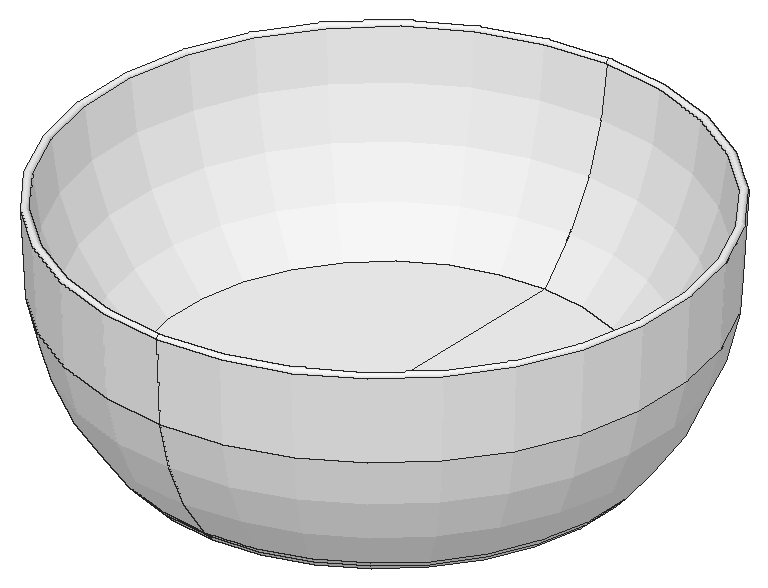
Revit family "WashBasin-Countertop-40cm-Bowl-Vitra-OutlineSeries-5992", category Plumbing Fixtures, host Face, Revit 2017
Family settings
  Host = Face
  Round Connector Dimension = Use Diameter
  Part Type = Normal
  OmniClass Number = 23.45.05.14.14
  OmniClass Title = Sinks/Lavatories
  Cut with Voids When Loaded = No
  Shared = Yes
  Room Calculation Point = No
Parameters (values of type "WashBasin_Vitra_Outline_(White)_5992B403-0016")
  Youtube = "https://www.youtube.com/user/VitrAglobal"
  Weight Net (kg) = "8.5"
  Waste Connection = yes
  Warranty Period (Year) = "10 Years"
  Vent Connection = no
  Uniformat II Description = "Plumbing Fixtures"
  Uniformat II Code = "D2010"
  Uniclass 2015 Name = "Wash basins, Sinks and troughs"
  Uniclass 2015 Code = "Pr_40_20_96_81"
  Uniclass 2.0 Description = "Sanitary Dispensing And Disposal Units"
  Uniclass 2.0 Code = "SS-35-65-70-94"
  Uniclass 1.4 Description = "Washbasins"
  Uniclass 1.4 Code = "L7212"
  URL = "https://www.vitraglobal.com"
  UNSPSC Description = ""
  UNSPSC Code = "301815"
  Technical description = "https://www.vitraglobal.com/pdf/5992B403-0016/"
  Tap hole Options (default) = ""
  Specification = ""
  Region South America = "All"
  Region Oceania = "All"
  Region North America = "All"
  Region Middle East = "All"
  Region Europe = "All"
  Region Asia = "All"
  Region Antarctica = "All"
  Region Africa = "All"
  Product url = "https://www.vitraglobal.com/bathroom-sanitaryware/washbasins/bowls/outline-bowl-sku-5992B403-0016/"
  Product manual = ""
  Product group = "Outline"
  Product family = "Countertop WashBasin"
  Product data url = "https://www.bimobject.com/vitra-bathrooms/product/5992"
  Product certification = "https://www.vitraglobal.com/brochures/"
  Product SKU = "5992B403-0016"
  Product Guid = ""
  Primary Material = White
  OmniClass Description = "Sinks/Lavatories"
  OmniClass Code = "23.45.05.14.14"
  Nominal Width (mm) = 400 mm
  Nominal Height (mm) = 145 mm
  Nominal Depth (mm) = 400 mm
  NBS Referans Description = "Wash Basin Systems"
  NBS Referans Code = "35-65-70-94"
  Mounting type = "Countertop"
  Model = "5992B403-0016"
  Masterformat 2014 Description = "Residential Lavatories and Sinks"
  Masterformat 2014 Code = "22 41 16"
  Manufacturer name = "VitrA"
  Manufacturer = "VitrA"
  Main Material = "Ceramic"
  Installation instructions = ""
  IFC Classification = "Sanitary Terminal"
  HW Connection = no
  EAN code = ""
  Design country = "Turkey"
  Description = "VitrA Outline Countertop - 40cm - Bowl"
  Default Elevation = 850 mm
  Color = "White"
  CW Connection = no
  COBIe Type Category = ""
  Brand = "VitrA"
  BIMobject category = "Sanitary - Basins"
  Article No. (default) = "5992B403-0016"
  Accessories (default) = ""
Types (10, lengths in mm): name | Technical description | Product url | Product data url | Product SKU | Primary Material | Model | Color | Article No. (default)
  WashBasin_Vitra_Outline_(White)_5992B403-0016 | "https://www.vitraglobal.com/pdf/5992B403-0016/" | "https://www.vitraglobal.com/bathroom-sanitaryware/washbasins/bowls/outline-bowl-sku-5992B403-0016/" | "https://www.bimobject.com/vitra-bathrooms/product/5992" | "5992B403-0016" | White | "5992B403-0016" | "White" | "5992B403-0016"
  WashBasin_Vitra_Outline_(MatteWhite)_5992B401-0016 | "https://www.vitraglobal.com/pdf/5992B401-0016/" | "" | "https://www.vitraglobal.com/bathroom-sanitaryware/washbasins/bowls/outline-bowl-sku-5992B401-0016/" | "5992B401-0016" | Matte White | "5992B401-0016" | "MatteWhite" | "5992B401-0016"
  WashBasin_Vitra_Outline_(MatteBlack)_5992B483-0016 | "https://www.vitraglobal.com/pdf/5992B483-0016/" | "" | "https://www.vitraglobal.com/bathroom-sanitaryware/washbasins/bowls/outline-bowl-sku-5992B483-0016/" | "5992B483-0016" | Matte Black | "5992B483-0016" | "MatteBlack" | "5992B483-0016"
  WashBasin_Vitra_Outline_(MatteMink)_5992B450-0016 | "https://www.vitraglobal.com/pdf/5992B450-0016/" | "" | "https://www.vitraglobal.com/bathroom-sanitaryware/washbasins/bowls/outline-bowl-sku-5992B450-0016/" | "5992B450-0016" | Matte Mink | "5992B450-0016" | "Matte Mink" | "5992B450-0016"
  WashBasin_Vitra_Outline_(MatteTaupe)_5992B420-0016 | "https://www.vitraglobal.com/pdf/5992B420-0016/" | "" | "https://www.vitraglobal.com/bathroom-sanitaryware/washbasins/bowls/outline-bowl-sku-5992B420-0016/" | "5992B420-0016" | Matte Taupe | "5992B420-0016" | "Matte Taupe" | "5992B420-0016"
  WashBasin_Vitra_Outline_(White)_5992B403H0016 | "https://www.vitra-india.com/pdf/5992B403H0016/" | "https://www.vitra-india.com/bathroom-sanitaryware/washbasins/bowls/outline-bowl-sku-5992B403H0016/" | "" | "5992B403H0016" | White | "5992B403H0016" | "White" | "5992B403H0016"
  WashBasin_Vitra_Outline_(MatteWhite)_5992B401H0016 | "https://www.vitra-india.com/pdf/5992B401H0016/" | "https://www.vitra-india.com/bathroom-sanitaryware/washbasins/bowls/outline-bowl-sku-5992B401H0016/" | "" | "5992B401H0016" | Matte White | "5992B401H0016" | "MatteWhite" | "5992B401H0016"
  WashBasin_Vitra_Outline_(MatteTaupe)_5992B420H0016 | "https://www.vitra-india.com/pdf/5992B420H0016/" | "https://www.vitra-india.com/bathroom-sanitaryware/washbasins/bowls/outline-bowl-sku-5992B420H0016/" | "" | "5992B420H0016" | Matte Taupe | "5992B420H0016" | "Matte Taupe" | "5992B420H0016"
  WashBasin_Vitra_Outline_(MatteMink)_5992B450H0016 | "https://www.vitra-india.com/pdf/5992B450H0016/" | "https://www.vitra-india.com/bathroom-sanitaryware/washbasins/bowls/outline-bowl-sku-5992B450H0016/" | "" | "5992B450H0016" | Matte Mink | "5992B450H0016" | "Matte Mink" | "5992B450H0016"
  WashBasin_Vitra_Outline_(MatteBlack)_5992B483H0016 | "https://www.vitra-india.com/pdf/5992B483H0016/" | "https://www.vitra-india.com/bathroom-sanitaryware/washbasins/bowls/outline-bowl-sku-5992B483H0016/" | "" | "5992B483H0016" | Matte Black | "5992B483H0016" | "MatteBlack" | "5992B483H0016"
Reference planes
  plane 1 "Center (Front/Back)": y = 0
  plane 2: z = 0
  plane 3 "Center (Left/Right)": x = 0
  plane 4: y = -201.414
  plane 5: z = 145
  plane 6: y = 198.586
  plane 7: x = 199.456
  plane 8: x = -200.544
Forms (mm)
  Extrusion 1, solid, material "White" <- "Primary Material", detail levels fine
    sketch origin (0, 0, 0) x (1, 0, 0) y (0, 1, 0)
      loop
        circle (0, 0) r 25.4
    from -2.086 to 17.411
  Extrusion 2, solid, detail levels coarse
    sketch origin (0, 0, 0) x (1, 0, 0) y (0, 1, 0)
      loop
        line (199.456, 198.586) -> (-200.544, 198.586) -> (-200.544, -201.414) -> (199.456, -201.414) -> (199.456, 198.586)
    from 0 to 145
  Extrusion 3, solid, detail levels medium
    sketch origin (0, 0, 0) x (1, 0, 0) y (0, 1, 0)
      loop
        circle (0, 0) r 195
    from 0 to 145
  Revolve 4, solid, material "White" <- "Primary Material", detail levels fine
    sketch origin (0, 0, 0) x (0, 1, 0) y (0, 0, 1)
      loop
        arc (194.665, 145) -> (192.333, 147.219) -> (190, 145) r 2.336
        arc (190, 145) -> (174.792, 82.689) -> (137.208, 30.714) r 166.904
        line (137.208, 30.714) -> (0, 30.714) -> (0, 1.834) -> (146.589, 1.834) -> (150.125, 5.37)
        arc (150.125, 5.37) -> (151.635, 7.131) -> (153.177, 8.864) r 127.111
        arc (153.177, 8.864) -> (178.41, 47.622) -> (191.88, 91.864) r 164.795
        arc (191.88, 91.864) -> (194.634, 118.361) -> (194.665, 145) r 260.245
      axis (0, 1.834) -> (0, 145)
    angle from 0 to 360
Cuts and joins
  joined: Extrusion 1, Revolve 4
Dimensions and locks
  "Nominal Height (mm)": plane 5 to host face
  "Nominal Depth (mm)": plane 6 to plane 4
  "Nominal Width (mm)": plane 8 to plane 7
  aligned and locked: plane 2 to host face
  aligned and locked: level to host face
Automatic sketch dimensions
  host sketch curve to host sketch curve = 2438.4 mm  (x2)
  plane 1 "Center (Front/Back)" to Extrusion 1 sketch curve = 0 mm
  Extrusion 1 sketch curve to plane 3 "Center (Left/Right)" = 0 mm
  Revolve 4 sketch curve to plane 1 "Center (Front/Back)" = 0 mm  (x2)
  Revolve 4 sketch curve to plane 5 = 0 mm  (x3)
  Revolve 4 sketch curve to plane 5 = 13.019 mm
  plane 1 "Center (Front/Back)" to Revolve 4 sketch curve = 65.254 mm
  plane 5 to Revolve 4 sketch curve = 7.68 mm
  Revolve 4 sketch curve to plane 1 "Center (Front/Back)" = 23.273 mm
  Revolve 4 sketch curve to plane 1 "Center (Front/Back)" = 29.055 mm
  level to Revolve 4 sketch curve = 30.714 mm
  level to Revolve 4 sketch curve = 1.834 mm
  Revolve 4 sketch curve to Revolve 4 sketch curve = 9.381 mm
  level to Revolve 4 sketch curve = 5.37 mm
  Revolve 4 sketch curve to Revolve 4 sketch curve = 3.536 mm
  Revolve 4 sketch curve to plane 5 = 0.117 mm
  Revolve 4 sketch curve to level = 76.483 mm
  Revolve 4 sketch curve to Revolve 4 sketch curve = 35.413 mm
  Revolve 4 sketch curve to Revolve 4 sketch curve = 3.052 mm
  Revolve 4 sketch curve to Revolve 4 sketch curve = 10 mm
  Revolve 4 sketch curve to Revolve 4 sketch curve = 2.456 mm
  plane 1 "Center (Front/Back)" to Extrusion 3 sketch curve = 0 mm
  Extrusion 3 sketch curve to plane 3 "Center (Left/Right)" = 0 mm
  Extrusion 2 sketch curve to plane 4 = 0 mm
  Extrusion 2 sketch curve to plane 6 = 0 mm
  Revolve 4 sketch curve to plane 6 = 61.378 mm
  plane 6 to Revolve 4 sketch curve = 48.788 mm
  plane 3 "Center (Left/Right)" to Extrusion 2 sketch curve = 199.456 mm
  Extrusion 2 sketch curve to plane 3 "Center (Left/Right)" = 200.544 mm
  radius of Extrusion 1 sketch curve = 25.4 mm
  radius of Extrusion 3 sketch curve = 195 mm
Connectors
  piping at (0, 0, -2.086), diameter 50, driven by "Waste Connection"
    settings: on cut or joined group of Extrusion 1, Revolve 4, index 1, connector inside diameter 609.6 mm, connector length 0 mm, flow factor 0, pipe flow 0.0 L/s, pressure drop 0.0 Pa, fitting loss kfactor 0, connector angle 0.00°, fixture units 0, engagement length 0 mm, angle of deflection 0.00°, flow configuration 0, flow direction 2, fitting loss method 0, system type 16, joint type 0, gender type 0, connector reference index -1, connector utility 1, adjustable connector no, is connector primary yes, connector description ""
